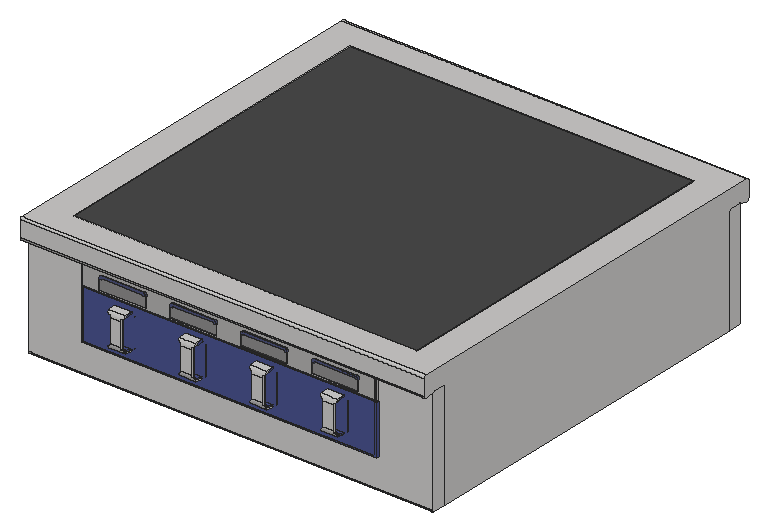
Revit family "QF_ELECTROLUXPROFESSIONAL_588015_MACDAAHOAO", category Specialty Equipment, Revit 2018
Family settings
  Round Connector Dimension = Use Diameter
  Part Type = Normal
  Work Plane-Based = No
  Always vertical = Yes
  Cut with Voids When Loaded = No
  Shared = No
  Room Calculation Point = No
Parameters
  Weight in Pounds = 83.7757
  Watts = 16000 VA  # 16000 W
  Volts = 400 V  # constant formula
  URL Cutsheet = ""
  Type Mark [instance] = ""
  Status [instance] = ""
  Specification by User [instance] = ""
  Specification by Manufacturer = ""
  Serial Number = ""
  Seismic Rating = ""
  SMACNA No = ""
  Revision Code [instance] = ""
  Phase = 3  # constant formula
  Omniclass Number and Title = ""
  Number of Poles [instance] = 1
  NAFEM Spec ID Number = ""
  Model = "588015"
  Min Ckt Ampacity = 0 A
  Max Overcurrent Protection = 0 A
  Masterspec = ""
  Manufacturer = "ELECTROLUX"
  Item Number [instance] = ""
  Installed By [instance] = ""
  Identify Quantity as Lot [instance] = yes
  HP = "21.5 HP"
  Furnished By [instance] = ""
  Foodservice Equipment Identifier [instance] = yes
  FL Amps [instance] = if(Phase = 3, Watts / (Volts * 1.73), Watts / Volts)  # 23.1214 A
  Electrical Remarks = "400 V/3N ph/50/60 Hz"  # constant formula
  Electric Connection Type [instance] = ""
  Elec Conn RI Height [instance] = 0 mm
  Elec Conn Connection Height [instance] = 0 mm
  Direct Waste Size = 0"
  Description = "INFRARED TOP,4 ZONE,1-SIDE,800X800X250H"
  Cycle [instance] = if([60 Hertz Option], 60 Hz, 50 Hz)  # 60 Hz
  Conn Plug = ""
  Conn Conduit = yes
  CSI MasterFormat = ""
  CSI Master Format = ""
  Back Panel [instance] = yes
  Apparent Power [instance] = if(Phase = 3, Volts * FL Amps * 1.73, Volts * FL Amps)  # 16000 VA
  60 Hertz Option [instance] = not([50 Hertz Option])  # yes
  50 Hertz Option [instance] = no
Reference planes
  plane 1 "BACK": y = 0
  plane 2: z = 0
  plane 3 "LEFT": x = 0
  plane 4 "RIGHT": x = 800
  plane 5 "FRONT": y = -800
  plane 6 "TOP": z = 250
  plane 7: x = 400
  plane 8: y = -400
  plane 9: x = 755
Forms (mm)
  Extrusion 1, solid, material "QF_Finishes_Stainless Steel"
    sketch origin (0, -487.128, 0) x (0, 1, 0) y (0, 0, 1)
      loop
        line (483.128, 250) -> (-308.872, 250)
        arc (-308.872, 250) -> (-311.7, 248.828) -> (-312.872, 246) r 4
        line (-312.872, 246) -> (-312.872, 214)
        arc (-312.872, 214) -> (-311.443, 210.936) -> (-308.177, 210.061) r 4
        line (-308.177, 210.061) -> (-291.509, 213) -> (-266.872, 213) -> (-266.872, 0) -> (441.128, 0) -> (441.128, 213) -> (465.765, 213) -> (482.433, 210.061)
        arc (482.433, 210.061) -> (485.699, 210.936) -> (487.128, 214) r 4
        line (487.128, 214) -> (487.128, 246)
        arc (487.128, 246) -> (485.956, 248.828) -> (483.128, 250) r 4
    from 0 to 800
  Extrusion 2, solid, material "QF_Finishes_Stainless Steel", visible <- "Back Panel"
    sketch origin (0, 0, 0) x (0, 1, 0) y (0, 0, 1)
      loop
        line (-46, 0) -> (-20, 0) -> (-20, 215)
        arc (-20, 215) -> (-20.586, 213.586) -> (-22, 213) r 2
        line (-22, 213) -> (-46, 213) -> (-46, 0)
    from 0 to 800
  Extrusion 3, void
    sketch origin (653.786, 44.048, 250) x (1, 0, 0) y (0, -1, 0)
      loop
        line (-593.786, 104.048) -> (86.214, 104.048) -> (86.214, 787.779) -> (-593.786, 787.779) -> (-593.786, 104.048)
    from 0 to 37
  Extrusion 4, solid, material "QF_Finishes_Stainless Steel"
    sketch origin (0, -754, 0) x (1, 0, 0) y (0, -1, 0)
      loop
        circle (755, -69) r 6.35
    from 0 to 3.2
  Extrusion 5, solid, material "QF_Finishes_Black"
    sketch origin (653.786, 44.048, 213) x (1, 0, 0) y (0, 1, 0)
      loop
        line (-593.786, -787.779) -> (86.214, -787.779) -> (86.214, -104.048) -> (-593.786, -104.048) -> (-593.786, -787.779)
    from 0 to 37
Cuts and joins
  Extrusion 3 cuts Extrusion 1
Lines and regions (mm)
  symbolic lines
    curve 1: line (0, 0, 0) -> (800, 0, 0)
    curve 2: line (0, -800, 0) -> (0, 0, 0)
    curve 3: line (800, -800, 0) -> (0, -800, 0)
    curve 4: line (800, 0, 0) -> (800, -800, 0)
    curve 5: line (740, -743.73, 0) -> (740, -60, 0)
    curve 6: line (740, -60, 0) -> (60, -60, 0)
    curve 7: line (60, -60, 0) -> (60, -743.73, 0)
    curve 8: line (60, -743.73, 0) -> (740, -743.73, 0)
    curve 9: line (173.641, -802.406, 0) -> (173.641, -800, 0)
    curve 10: spline (179.31, -803.811, 0) -> (178.831, -803.737, 0) -> (178.353, -803.656, 0) -> (177.876, -803.566, 0) -> (177.4, -803.469, 0) -> (176.925, -803.364, 0) -> (176.452, -803.25, 0) -> (175.98, -803.129, 0) -> (175.509, -803, 0) -> (175.039, -802.863, 0) -> (174.572, -802.719, 0) -> (174.105, -802.566, 0) -> (173.641, -802.406, 0)
    curve 11: line (205.857, -802.406, 0) -> (205.857, -800, 0)
    curve 12: spline (205.857, -802.406, 0) -> (205.392, -802.566, 0) -> (204.926, -802.719, 0) -> (204.458, -802.863, 0) -> (203.989, -803, 0) -> (203.518, -803.129, 0) -> (203.046, -803.25, 0) -> (202.572, -803.364, 0) -> (202.098, -803.469, 0) -> (201.622, -803.566, 0) -> (201.145, -803.656, 0) -> (200.667, -803.737, 0) -> (200.188, -803.811, 0)
    curve 13: line (179.31, -803.811, 0) -> (200.188, -803.811, 0)
    curve 14: line (313.892, -802.406, 0) -> (313.892, -800, 0)
    curve 15: spline (319.561, -803.811, 0) -> (319.082, -803.737, 0) -> (318.604, -803.656, 0) -> (318.127, -803.566, 0) -> (317.651, -803.469, 0) -> (317.177, -803.364, 0) -> (316.703, -803.25, 0) -> (316.231, -803.129, 0) -> (315.76, -803, 0) -> (315.29, -802.863, 0) -> (314.823, -802.719, 0) -> (314.357, -802.566, 0) -> (313.892, -802.406, 0)
    curve 16: line (346.108, -802.406, 0) -> (346.108, -800, 0)
    curve 17: spline (346.108, -802.406, 0) -> (345.643, -802.566, 0) -> (345.177, -802.719, 0) -> (344.71, -802.863, 0) -> (344.24, -803, 0) -> (343.769, -803.129, 0) -> (343.297, -803.25, 0) -> (342.823, -803.364, 0) -> (342.349, -803.469, 0) -> (341.873, -803.566, 0) -> (341.396, -803.656, 0) -> (340.918, -803.737, 0) -> (340.439, -803.811, 0)
    curve 18: line (319.561, -803.811, 0) -> (340.439, -803.811, 0)
    curve 19: line (486.108, -802.406, 0) -> (486.108, -800, 0)
    curve 20: spline (480.439, -803.811, 0) -> (480.918, -803.737, 0) -> (481.396, -803.656, 0) -> (481.873, -803.566, 0) -> (482.349, -803.469, 0) -> (482.823, -803.364, 0) -> (483.297, -803.25, 0) -> (483.769, -803.129, 0) -> (484.24, -803, 0) -> (484.71, -802.863, 0) -> (485.177, -802.719, 0) -> (485.643, -802.566, 0) -> (486.108, -802.406, 0)
    curve 21: line (453.892, -802.406, 0) -> (453.892, -800, 0)
    curve 22: spline (453.892, -802.406, 0) -> (454.357, -802.566, 0) -> (454.823, -802.719, 0) -> (455.29, -802.863, 0) -> (455.76, -803, 0) -> (456.231, -803.129, 0) -> (456.703, -803.25, 0) -> (457.177, -803.364, 0) -> (457.651, -803.469, 0) -> (458.127, -803.566, 0) -> (458.604, -803.656, 0) -> (459.082, -803.737, 0) -> (459.561, -803.811, 0)
    curve 23: line (480.439, -803.811, 0) -> (459.561, -803.811, 0)
    curve 24: line (626.359, -802.406, 0) -> (626.359, -800, 0)
    curve 25: spline (620.69, -803.811, 0) -> (621.169, -803.737, 0) -> (621.647, -803.656, 0) -> (622.124, -803.566, 0) -> (622.6, -803.469, 0) -> (623.075, -803.364, 0) -> (623.548, -803.25, 0) -> (624.02, -803.129, 0) -> (624.491, -803, 0) -> (624.961, -802.863, 0) -> (625.428, -802.719, 0) -> (625.895, -802.566, 0) -> (626.359, -802.406, 0)
    curve 26: line (594.143, -802.406, 0) -> (594.143, -800, 0)
    curve 27: spline (594.143, -802.406, 0) -> (594.608, -802.566, 0) -> (595.074, -802.719, 0) -> (595.542, -802.863, 0) -> (596.011, -803, 0) -> (596.482, -803.129, 0) -> (596.954, -803.25, 0) -> (597.428, -803.364, 0) -> (597.902, -803.469, 0) -> (598.378, -803.566, 0) -> (598.855, -803.656, 0) -> (599.333, -803.737, 0) -> (599.812, -803.811, 0)
    curve 28: line (620.69, -803.811, 0) -> (599.812, -803.811, 0)
Dimensions and locks
  plane 3 "LEFT" to plane 4 "RIGHT" = 800 mm
  plane 5 "FRONT" to plane 1 "BACK" = 800 mm
  equal spacing: plane 3 "LEFT", plane 7, plane 4 "RIGHT"
  equal spacing: plane 5 "FRONT", plane 8, plane 1 "BACK"
  plane 6 "TOP" to level = 250 mm  (x2)
  plane 1 "BACK" to plane 5 "FRONT" = 800 mm
  Extrusion 4 sketch curve to plane 1 "BACK" = 685 mm
  Extrusion 4 sketch curve to plane 4 "RIGHT" = 45 mm
  locked: plane 9 to plane 4 "RIGHT" at 45
  plane 1 "BACK" to Extrusion 4 = 685 mm
  aligned and locked: level to plane 2
  aligned and locked: cut or joined group of Extrusion 1, Extrusion 3 to plane 4 "RIGHT"
  aligned and locked: Extrusion 2 to plane 4 "RIGHT"
  aligned and locked: plane 7 to nested 1
Automatic sketch dimensions
  Extrusion 1 sketch curve to plane 5 "FRONT" = 0 mm
  Extrusion 1 sketch curve to plane 6 "TOP" = 0 mm
  Extrusion 1 sketch curve to level = 0 mm
  Extrusion 1 sketch curve to plane 1 "BACK" = 0 mm
  Extrusion 1 sketch curve to plane 6 "TOP" = 37 mm  (x2)
  Extrusion 1 sketch curve to plane 5 "FRONT" = 4 mm
  Extrusion 1 sketch curve to plane 5 "FRONT" = 21.363 mm
  Extrusion 1 sketch curve to Extrusion 1 sketch curve = 24.637 mm
  plane 1 "BACK" to Extrusion 1 sketch curve = 46 mm
  plane 1 "BACK" to Extrusion 1 sketch curve = 21.363 mm
  plane 1 "BACK" to Extrusion 1 sketch curve = 4 mm  (x2)
  Extrusion 1 sketch curve to Extrusion 1 sketch curve = 4 mm
  Extrusion 1 sketch curve to Extrusion 1 sketch curve = 0.695 mm
  Extrusion 1 sketch curve to Extrusion 1 sketch curve = 0 mm  (x4)
  plane 1 "BACK" to Extrusion 1 sketch curve = 4.695 mm
  Extrusion 1 sketch curve to Extrusion 1 sketch curve = 1 mm  (x2)
  Extrusion 2 sketch curve to level = 0 mm
  Extrusion 2 sketch curve to Extrusion 2 sketch curve = 26 mm
  Extrusion 2 sketch curve to Extrusion 2 sketch curve = 2 mm
  Extrusion 2 sketch curve to plane 6 "TOP" = 37 mm
  plane 1 "BACK" to curve 1 = 0 mm
  curve 1 to plane 4 "RIGHT" = 0 mm
  curve 2 to plane 3 "LEFT" = 0 mm
  plane 5 "FRONT" to curve 3 = 0 mm
  plane 9 to curve 8 = 15 mm
  plane 5 "FRONT" to curve 24 = 2.406 mm
  curve 5 to curve 24 = 113.641 mm
  plane 5 "FRONT" to curve 28 = 3.811 mm
  curve 24 to curve 28 = 5.669 mm
  curve 25 to curve 28 = 20.878 mm
  plane 5 "FRONT" to curve 26 = 2.406 mm
  curve 27 to curve 26 = 5.669 mm
  plane 5 "FRONT" to curve 19 = 2.406 mm
  plane 7 to curve 19 = 86.108 mm
  plane 5 "FRONT" to curve 23 = 3.811 mm
  curve 19 to curve 23 = 5.669 mm
  curve 20 to curve 23 = 20.878 mm
  plane 5 "FRONT" to curve 21 = 2.406 mm
  curve 22 to curve 21 = 5.669 mm
  plane 5 "FRONT" to curve 16 = 2.406 mm
  curve 16 to plane 7 = 53.892 mm
  plane 5 "FRONT" to curve 18 = 3.811 mm
  curve 17 to curve 18 = 5.669 mm
  curve 17 to curve 18 = 20.878 mm
  plane 5 "FRONT" to curve 14 = 2.406 mm
  curve 15 to curve 14 = 5.669 mm
  plane 5 "FRONT" to curve 11 = 2.406 mm
  curve 14 to curve 11 = 108.035 mm
  plane 5 "FRONT" to curve 13 = 3.811 mm
  curve 12 to curve 13 = 5.669 mm
  curve 12 to curve 13 = 20.878 mm
  plane 5 "FRONT" to curve 9 = 2.406 mm
  curve 13 to curve 9 = 5.669 mm
  plane 3 "LEFT" to curve 7 = 60 mm
  plane 5 "FRONT" to curve 25 = 4.112 mm
  curve 25 to curve 25 = 4.17 mm
  curve 25 to curve 27 = 12.538 mm
  curve 19 to curve 20 = 9.839 mm
  plane 5 "FRONT" to curve 22 = 4.112 mm
  curve 22 to curve 23 = 4.17 mm
  plane 5 "FRONT" to curve 17 = 4.112 mm
  curve 17 to curve 17 = 4.17 mm
  plane 5 "FRONT" to curve 15 = 4.112 mm
  curve 15 to curve 15 = 4.17 mm
  curve 11 to curve 12 = 9.839 mm
  curve 12 to curve 10 = 12.538 mm
  plane 1 "BACK" to curve 7 = 60 mm
  curve 8 to plane 5 "FRONT" = 56.27 mm
  curve 12 to plane 5 "FRONT" = 39.02 mm
  curve 27 to curve 25 = 0 mm
  curve 10 to curve 12 = 0 mm
  curve 22 to curve 20 = 0 mm
  Extrusion 1 to Extrusion 3 sketch curve = 60 mm  (x2)
  Extrusion 1 to Extrusion 3 sketch curve = 52.27 mm
  Extrusion 1 to Extrusion 3 sketch curve = 56 mm
  Extrusion 5 sketch curve to Extrusion 3 = 0 mm  (x3)
  Extrusion 3 to Extrusion 5 sketch curve = 0 mm
  plane 1 "BACK" to Extrusion 2 sketch curve = 22 mm
  radius of Extrusion 4 sketch curve = 6.35 mm
Nested families
  nested 1: "IDT_800_1000 Front Panel Four Controls" at (-200, -754, -650), type "IDT_800_1000 Front Panel Four Controls"
Connectors
  electrical at (755, -685, -3.2), driven by "Volts", driven by "Watts"
    settings: on Extrusion 4, index 1, voltage 400 V, apparent load 16000 VA, apparent load phase1 0 VA, apparent load phase2 0 VA, apparent load phase3 0 VA, power factor 1, load classification "Other", number of poles 1, system type 30, power factor state 1, is connector primary yes, connector utility no, sub classification motor no, connector description "ELECTRICAL CONNECTION"
Definition of nested family "IDT_800_1000 Front Panel Four Controls"
  Parameters
    Keynote = ""
  Reference planes
    plane 1 "Center (Front/Back)": y = 0
    plane 2: z = 0
    plane 3 "Center (Left/Right)": x = 100
    plane 4: x = 600
    plane 5: x = 389.749
    plane 6: x = 530
    plane 7: x = 670.079
    plane 8: x = 809.948
  Forms (mm)
    Extrusion 1, void
      sketch origin (1213.217, 829.203, -1.25) x (1, 0, 0) y (0, 0, 1)
        loop
          line (-321.217, 853.25) -> (-905.217, 853.25) -> (-905.217, 711.25) -> (-321.217, 711.25) -> (-321.217, 853.25)
      from 843.409 to 854.203
    Extrusion 2, solid
      sketch origin (1133.217, 829.203, -1.25) x (0, 1, 0) y (0, 0, 1)
        loop
          arc (-854.203, 654.25) -> (-853.324, 652.129) -> (-851.203, 651.25) r 3
          line (-851.203, 651.25) -> (-829.203, 651.25) -> (-829.203, 864.25) -> (-854.203, 864.25) -> (-854.203, 654.25)
      from -933.217 to -133.217
  Nested families
    nested 1: "1200 Glass Panel with Four Reads" at (308, -30, 5.811), type "1200 Glass Panel with Four Reads"
    nested 2: "Sml  Range Control Handle" at (389.749, -26.645, -204.867), type "Sml  Range Control Handle"
    nested 3: "Sml  Range Control Handle" at (529.638, -26.645, -204.867), type "Sml  Range Control Handle"
    nested 4: "Sml  Range Control Handle" at (670.079, -26.645, -204.867), type "Sml  Range Control Handle"
    nested 5: "Sml  Range Control Handle" at (810.079, -26.645, -204.867), type "Sml  Range Control Handle"
  Definition of nested family "1200 Glass Panel with Four Reads"
    Reference planes
      plane 1 "Center (Front/Back)": y = 0
      plane 2: z = 0
      plane 3 "Center (Left/Right)": x = 0
      plane 4: x = 584
      plane 5: x = 581.091
      plane 6 "Top": z = 846.189
      plane 7 "Center": x = 292
    Forms (mm)
      Extrusion 1, solid
        sketch origin (550.286, 304.8, -4.308) x (1, 0, 0) y (0, 0, 1)
          loop
            line (-550.286, 806.791) -> (-550.286, 708.497) -> (33.714, 708.497) -> (33.714, 806.791) -> (-550.286, 806.791)
        from 300.031 to 304.8
      Extrusion 2, solid
        sketch origin (550.286, 304.8, -4.308) x (1, 0, 0) y (0, 0, 1)
          loop
            line (-550.286, 850.497) -> (-550.286, 806.791) -> (33.714, 806.791) -> (33.714, 850.497) -> (-550.286, 850.497)
        from 300.031 to 304.8
      Extrusion 3, void
        sketch origin (550.286, 304.8, -4.308) x (1, 0, 0) y (0, 0, 1)
          loop
            line (-547.628, 847.565) -> (-547.628, 710.699) -> (30.804, 710.699) -> (30.804, 847.565) -> (-547.628, 847.565)
        from 303.697 to 304.8
      Extrusion 4, solid, not visible
        sketch origin (550.286, 305.901, -4.308) x (1, 0, 0) y (0, 0, 1)
          loop
            line (-153.041, 812.62) -> (-153.041, 834.177) -> (-157.775, 834.177) -> (-159.574, 835.977) -> (-238.324, 835.977) -> (-240.124, 834.177) -> (-245.041, 834.177) -> (-245.041, 812.62) -> (-153.041, 812.62)
        from 304.798 to 306.745
      Extrusion 5, solid, not visible
        sketch origin (550.286, 305.901, -4.308) x (1, 0, 0) y (0, 0, 1)
          loop
            line (-240.027, 834.177) -> (-238.227, 835.977) -> (-159.594, 835.977) -> (-157.794, 834.177) -> (-153.083, 834.177)
            arc (-153.083, 834.177) -> (-154.26, 838.752) -> (-158.535, 840.763) r 5.549
            line (-158.535, 840.763) -> (-239.444, 840.763)
            arc (-239.444, 840.763) -> (-243.699, 838.747) -> (-244.835, 834.177) r 5.5
            line (-244.835, 834.177) -> (-240.027, 834.177)
        from 304.798 to 306.745
      Extrusion 6, solid
        sketch origin (700.989, 305.901, -4.308) x (1, 0, 0) y (0, 0, 1)
          loop
            line (-153.041, 812.62) -> (-153.041, 834.177) -> (-157.775, 834.177) -> (-159.574, 835.977) -> (-238.324, 835.977) -> (-240.124, 834.177) -> (-245.041, 834.177) -> (-245.041, 812.62) -> (-153.041, 812.62)
        from 304.798 to 306.745
      Extrusion 7, solid
        sketch origin (700.989, 305.901, -4.308) x (1, 0, 0) y (0, 0, 1)
          loop
            line (-240.027, 834.177) -> (-238.227, 835.977) -> (-159.594, 835.977) -> (-157.794, 834.177) -> (-153.083, 834.177)
            arc (-153.083, 834.177) -> (-154.26, 838.752) -> (-158.535, 840.763) r 5.549
            line (-158.535, 840.763) -> (-239.444, 840.763)
            arc (-239.444, 840.763) -> (-243.699, 838.747) -> (-244.835, 834.177) r 5.5
            line (-244.835, 834.177) -> (-240.027, 834.177)
        from 304.798 to 306.745
      Extrusion 8, solid
        sketch origin (560.989, 305.901, -4.308) x (1, 0, 0) y (0, 0, 1)
          loop
            line (-153.041, 812.62) -> (-153.041, 834.177) -> (-157.775, 834.177) -> (-159.574, 835.977) -> (-238.324, 835.977) -> (-240.124, 834.177) -> (-245.041, 834.177) -> (-245.041, 812.62) -> (-153.041, 812.62)
        from 304.798 to 306.745
      Extrusion 9, solid
        sketch origin (560.989, 305.901, -4.308) x (1, 0, 0) y (0, 0, 1)
          loop
            line (-240.027, 834.177) -> (-238.227, 835.977) -> (-159.594, 835.977) -> (-157.794, 834.177) -> (-153.083, 834.177)
            arc (-153.083, 834.177) -> (-154.26, 838.752) -> (-158.535, 840.763) r 5.549
            line (-158.535, 840.763) -> (-239.444, 840.763)
            arc (-239.444, 840.763) -> (-243.699, 838.747) -> (-244.835, 834.177) r 5.5
            line (-244.835, 834.177) -> (-240.027, 834.177)
        from 304.798 to 306.745
      Extrusion 10, solid
        sketch origin (700.989, 305.901, -4.308) x (1, 0, 0) y (0, 0, 1)
          loop
            line (-665.188, 812.62) -> (-573.188, 812.62) -> (-573.188, 834.177) -> (-578.105, 834.177) -> (-579.905, 835.977) -> (-658.655, 835.977) -> (-660.455, 834.177) -> (-665.188, 834.177) -> (-665.188, 812.62)
        from 304.798 to 306.745
      Extrusion 11, solid
        sketch origin (700.989, 305.901, -4.308) x (1, 0, 0) y (0, 0, 1)
          loop
            line (-578.203, 834.177) -> (-573.394, 834.177)
            arc (-573.394, 834.177) -> (-574.53, 838.747) -> (-578.786, 840.763) r 5.5
            line (-578.786, 840.763) -> (-659.695, 840.763)
            arc (-659.695, 840.763) -> (-663.97, 838.752) -> (-665.146, 834.177) r 5.549
            line (-665.146, 834.177) -> (-660.435, 834.177) -> (-658.636, 835.977) -> (-580.003, 835.977) -> (-578.203, 834.177)
        from 304.798 to 306.745
      Extrusion 12, solid
        sketch origin (560.989, 305.901, -4.308) x (1, 0, 0) y (0, 0, 1)
          loop
            line (-385.188, 812.62) -> (-293.188, 812.62) -> (-293.188, 834.177) -> (-298.105, 834.177) -> (-299.905, 835.977) -> (-378.655, 835.977) -> (-380.455, 834.177) -> (-385.188, 834.177) -> (-385.188, 812.62)
        from 304.798 to 306.745
      Extrusion 13, solid
        sketch origin (560.989, 305.901, -4.308) x (1, 0, 0) y (0, 0, 1)
          loop
            line (-298.203, 834.177) -> (-293.394, 834.177)
            arc (-293.394, 834.177) -> (-294.53, 838.747) -> (-298.786, 840.763) r 5.5
            line (-298.786, 840.763) -> (-379.695, 840.763)
            arc (-379.695, 840.763) -> (-383.97, 838.752) -> (-385.146, 834.177) r 5.549
            line (-385.146, 834.177) -> (-380.435, 834.177) -> (-378.636, 835.977) -> (-300.003, 835.977) -> (-298.203, 834.177)
        from 304.798 to 306.745
    Cuts and joins
      Extrusion 3 cuts Extrusion 1
      Extrusion 3 cuts Extrusion 2
    Lines and regions (mm)
      symbolic lines
        curve 1: line (0, 4.769, 0) -> (584, 4.769, 0)
    Dimensions and locks
      aligned and locked: Extrusion 1 to Extrusion 2
      aligned and locked: Extrusion 6 to Extrusion 7
      aligned and locked: Extrusion 8 to Extrusion 9
      aligned and locked: Extrusion 10 to Extrusion 11
      aligned and locked: Extrusion 12 to Extrusion 13
  Definition of nested family "Sml  Range Control Handle"
    Reference planes
      plane 1 "Center (Front/Back)": y = 0
      plane 2: z = 0
      plane 3 "Center (Left/Right)": x = 0
      plane 4: z = 971.092
    Forms (mm)
      Extrusion 1, solid
        sketch origin (-746.28, 380.497, 208.931) x (-1, 0, 0) y (0, 0, 1)
          loop
            line (-770.101, 786.798) -> (-770.101, 731.649)
            arc (-770.101, 731.649) -> (-769.759, 730.563) -> (-768.855, 729.87) r 1.893
            line (-768.855, 729.87) -> (-763.474, 727.911) -> (-729.81, 727.911) -> (-724.428, 729.87)
            arc (-724.428, 729.87) -> (-723.525, 730.563) -> (-723.183, 731.649) r 1.893
            line (-723.183, 731.649) -> (-723.183, 786.798)
            arc (-723.183, 786.798) -> (-723.529, 787.894) -> (-724.44, 788.593) r 1.91
            line (-724.44, 788.593) -> (-729.683, 790.819) -> (-763.601, 790.819) -> (-768.844, 788.593)
            arc (-768.844, 788.593) -> (-769.755, 787.894) -> (-770.101, 786.798) r 1.91
        from -382.35 to -378.852
      Sweep 2, solid
        path origin (-746.788, 380.496, 208.091) x (0, -1, 0) y (0, 0, 1)
          loop
            line (379.775, 793.281) -> (395.661, 791.048)
            arc (395.661, 791.048) -> (397.781, 787.377) -> (398.517, 783.202) r 12.207
            line (398.517, 783.202) -> (398.517, 737.368)
            arc (398.517, 737.368) -> (397.781, 733.193) -> (395.661, 729.522) r 12.207
            line (395.661, 729.522) -> (379.775, 727.289)
        profile origin (-746.788, -7.222, 1000.256) x (0, -0.139173, 0.990268) y (-1, 0, 0)
          loop
            line (0.782, -763.123) -> (0.782, -730.907) -> (-1.322, -730.907) -> (-1.322, -763.123) -> (0.782, -763.123)
      Sweep 3, solid
        path origin (-746.788, 380.715, 207.832) x (0, -1, 0) y (0, 0, 1)
          loop
            line (380.478, 795.442) -> (397.218, 793.09)
            arc (397.218, 793.09) -> (399.929, 788.473) -> (400.871, 783.202) r 15.207
            line (400.871, 783.202) -> (400.871, 737.584)
            arc (400.871, 737.584) -> (399.914, 732.274) -> (397.164, 727.633) r 15.207
            line (397.164, 727.633) -> (380.601, 725.305)
        profile origin (-746.788, -8.132, 1002.099) x (0, -0.139173, 0.990268) y (-1, 0, 0)
          loop
            line (0.782, -763.123) -> (0.782, -730.907) -> (-1.322, -730.907) -> (-1.322, -763.123) -> (0.782, -763.123)
      Extrusion 4, void
        sketch origin (889.253, 220.666, 207.993) x (1, 0, 0) y (0, 0, 1)
          loop
            line (-943.038, 816.854) -> (-943.038, 703.686) -> (-899.466, 734.196) -> (-899.466, 786.344) -> (-943.038, 816.854)
        from 230.636 to 242.25
      Extrusion 5, void
        sketch origin (-888.8, 220.666, 207.993) x (-1, 0, 0) y (0, 0, -1)
          loop
            line (-943.038, -816.854) -> (-899.466, -786.344) -> (-899.466, -734.196) -> (-943.038, -703.686) -> (-943.038, -816.854)
        from 230.636 to 242.25
      Extrusion 6, solid
        sketch origin (0, 0, 0) x (1, 0, 0) y (0, 0, 1)
          loop
            circle (0, 971.092) r 7.736
        from -3.137 to -1.645
    Cuts and joins
      Extrusion 4, Extrusion 5 cuts Sweep 3
      Extrusion 4, Extrusion 5 cuts Sweep 2
      joined: Extrusion 1, Extrusion 6
    Lines and regions (mm)
      symbolic lines
        curve 1: line (23.821, 1.645, 0) -> (-23.097, 1.645, 0)
        curve 2: line (16.334, -1.853, 0) -> (23.821, -1.853, 0)
        curve 3: line (-15.881, -19.189, 0) -> (-15.881, -1.853, 0)
        curve 4: line (-23.097, -1.853, 0) -> (-15.881, -1.853, 0)
        curve 5: line (16.334, -19.189, 0) -> (16.334, -1.853, 0)
        curve 6: spline (-15.881, -19.189, 0) -> (-15.417, -19.349, 0) -> (-14.951, -19.501, 0) -> (-14.483, -19.646, 0) -> (-14.014, -19.783, 0) -> (-13.543, -19.912, 0) -> (-13.071, -20.033, 0) -> (-12.597, -20.146, 0) -> (-12.122, -20.251, 0) -> (-11.646, -20.349, 0) -> (-11.169, -20.438, 0) -> (-10.691, -20.52, 0) -> (-10.213, -20.593, 0)
        curve 7: spline (10.666, -20.593, 0) -> (11.144, -20.52, 0) -> (11.622, -20.438, 0) -> (12.099, -20.349, 0) -> (12.575, -20.251, 0) -> (13.05, -20.146, 0) -> (13.524, -20.033, 0) -> (13.996, -19.912, 0) -> (14.467, -19.783, 0) -> (14.936, -19.646, 0) -> (15.404, -19.501, 0) -> (15.87, -19.349, 0) -> (16.334, -19.189, 0)
        curve 8: line (-10.213, -20.938, 0) -> (10.716, -20.938, 0)
        curve 9: line (-23.097, 1.645, 0) -> (-23.097, -1.853, 0)
        curve 10: line (23.821, 1.645, 0) -> (23.821, -1.853, 0)
    Dimensions and locks
      cut or joined group of Sweep 3, Extrusion 4, Extrusion 5 to cut or joined group of Sweep 3, Extrusion 4, Extrusion 5 = 71.686 mm
